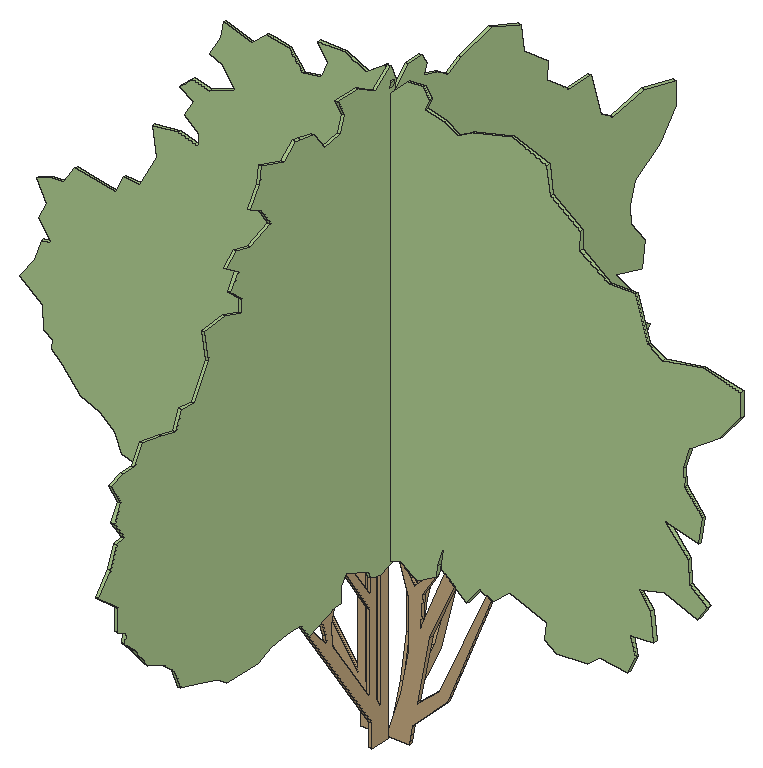
Revit family "L-PL낙엽관목_황매화", category 수목, Revit 2019
Family settings
  OmniClass 번호 = 23.40.05.00
  OmniClass 제목 = Plants and Planting Products
  작업 기준면 기반 = 아니오
  항상 수직 = 예
  로드될 때 보이드를 사용하여 절단 = 아니오
  렌더 모양 소스 = 패밀리 형상
  공유 = 아니오
Parameters
  높이 = 6000 mm
Reference planes
  plane 1 "중심(앞/뒤)": y = 0
  plane 2: z = 0
  plane 3 "중심(왼쪽/오른쪽)": x = 0
Forms (mm)
  Extrusion 1, solid, material "L-PL낙엽관목_황매화"
    sketch origin (0, 0, 0) x (1, 0, 0) y (0, 0, 1)
      loop
        line (20.605, 261.875) -> (49.579, 244.397) -> (81.202, 261.992) -> (83.241, 278.848) -> (91.268, 302.472) -> (88.953, 273.937) -> (130.955, 240.516) -> (152.038, 267.012) -> (173.042, 257.292) -> (199.703, 279.17) -> (261.519, 257.153) -> (257.966, 230.874) -> (277.151, 218.09) -> (328.309, 220.221) -> (347.493, 235.846) -> (393.677, 230.874) -> (405.756, 256.443) -> (398.651, 286.272) -> (436.309, 289.823) -> (431.335, 333.857) -> (412.862, 358.715) -> (453.362, 368.658) -> (508.072, 348.772) -> (524.415, 372.209) -> (494.572, 394.936) -> (493.151, 431.158) -> (456.204, 473.771) -> (509.493, 459.567) -> (515.888, 500.05) -> (486.046, 535.561) -> (484.625, 562.549) -> (495.283, 594.509) -> (545.02, 627.18) -> (578.225, 668.596) -> (578.225, 705.477) -> (515.784, 719.662) -> (451.215, 708.314) -> (425.672, 723.208) -> (405.804, 789.168) -> (361.812, 788.459) -> (315.691, 821.084) -> (316.401, 849.454) -> (267.442, 884.916) -> (261.056, 926.762) -> (203.582, 948.039) -> (140.432, 931.726) -> (114.889, 918.96) -> (92.893, 931.017) -> (63.091, 939.528) -> (69.477, 954.422) -> (59.544, 970.735) -> (33.29, 969.316) -> (2.78, 939.528) -> (6.328, 958.678) -> (-2.897, 981.374) -> (-34.826, 959.387) -> (-69.594, 977.118) -> (-112.877, 977.118) -> (-97.267, 951.585) -> (-106.491, 927.471) -> (-138.421, 921.797) -> (-161.126, 950.167) -> (-187.38, 955.131) -> (-197.313, 956.55) -> (-221.438, 936.691) -> (-267.559, 951.585) -> (-271.816, 926.052) -> (-289.555, 896.973) -> (-268.978, 887.753) -> (-249.091, 857.943) -> (-290.018, 843.131) -> (-318.244, 849.479) -> (-339.414, 831.845) -> (-315.422, 817.033) -> (-330.946, 793.756) -> (-307.659, 774.007) -> (-307.659, 754.257) -> (-341.531, 764.132) -> (-383.164, 759.194) -> (-376.107, 714.052) -> (-405.039, 664.678) -> (-431.148, 666.794) -> (-443.85, 639.991) -> (-471.37, 645.634) -> (-510.181, 651.982) -> (-527.822, 625.179) -> (-548.991, 623.768) -> (-572.983, 615.304) -> (-556.048, 584.268) -> (-568.749, 558.876) -> (-547.58, 529.957) -> (-564.516, 527.135) -> (-576.512, 494.689) -> (-599.798, 463.654) -> (-562.399, 433.324) -> (-560.987, 397.352) -> (-546.169, 388.182) -> (-548.286, 374.075) -> (-529.939, 357.852) -> (-500.249, 322.316) -> (-469.2, 309.62) -> (-445.208, 289.165) -> (-433.212, 260.246) -> (-397.93, 250.371) -> (-357.708, 238.38) -> (-337.95, 225.684) -> (-275.147, 225.684) -> (-249.038, 237.674) -> (-214.294, 242.639) -> (-187.479, 242.639) -> (-170.696, 218.826) -> (-117.598, 239.156) -> (-106.353, 239.156) -> (-106.353, 264.294) -> (-96.744, 279.235) -> (-47.862, 261.187) -> (-44.471, 250.171) -> (-34.299, 247.629) -> (-23.278, 245.652) -> (-9.967, 251.993) -> (20.605, 261.875)
    from 0 to 5
  Extrusion 2, solid, material "L-PL낙엽관목_황매화2"
    sketch origin (0, 0, 0) x (1, 0, 0) y (0, 0, 1)
      loop
        line (-34.299, 69.688) -> (-34.299, 247.629) -> (-44.471, 250.171) -> (-44.188, 224.469) -> (-79.227, 272.767) -> (-95.248, 278.682) -> (-47.297, 205.262) -> (-47.297, 76.466) -> (-123.59, 185.773) -> (-126.698, 217.972) -> (-119.62, 238.382) -> (-145.63, 228.423) -> (-136.871, 205.545) -> (-134.61, 191.422) -> (-162.072, 222.128) -> (-170.696, 218.826) -> (-42.821, 37.383) -> (-42.821, 0) -> (-9.967, 0) -> (-9.967, 251.993) -> (-23.278, 245.652) -> (-24.126, 51.046) -> (-34.299, 69.688)
      loop
        line (170.856, 258.303) -> (163.061, 261.911) -> (85.917, 95.208) -> (49.797, 64.452) -> (70.309, 168.753) -> (110.514, 256.78) -> (94.25, 269.722) -> (54.689, 176.908) -> (57.759, 226.285) -> (81.202, 261.992) -> (59.611, 249.979) -> (44.76, 235.73) -> (35.092, 253.136) -> (20.605, 261.875) -> (35.526, 215.71) -> (35.526, 135.455) -> (22.737, 69.404) -> (0, 0) -> (36.237, 0) -> (41.921, 28.921) -> (98.763, 83.608) -> (170.856, 258.303)
    from 0 to 5
  Extrusion 3, solid, material "L-PL낙엽관목_황매화"
    sketch origin (0, 0, 0) x (0, 1, 0) y (0, 0, 1)
      loop
        line (20.605, 261.875) -> (49.579, 244.397) -> (81.202, 261.992) -> (83.241, 278.848) -> (91.268, 302.472) -> (88.953, 273.937) -> (130.955, 240.516) -> (152.038, 267.012) -> (173.042, 257.292) -> (199.703, 279.17) -> (261.519, 257.153) -> (257.966, 230.874) -> (277.151, 218.09) -> (328.309, 220.221) -> (347.493, 235.846) -> (393.677, 230.874) -> (405.756, 256.443) -> (398.651, 286.272) -> (436.309, 289.823) -> (431.335, 333.857) -> (412.862, 358.715) -> (453.362, 368.658) -> (508.072, 348.772) -> (524.415, 372.209) -> (494.572, 394.936) -> (493.151, 431.158) -> (456.204, 473.771) -> (509.493, 459.567) -> (515.888, 500.05) -> (486.046, 535.561) -> (484.625, 562.549) -> (495.283, 594.509) -> (545.02, 627.18) -> (578.225, 668.596) -> (578.225, 705.477) -> (515.784, 719.662) -> (451.215, 708.314) -> (425.672, 723.208) -> (405.804, 789.168) -> (361.812, 788.459) -> (315.691, 821.084) -> (316.401, 849.454) -> (267.442, 884.916) -> (261.056, 926.762) -> (203.582, 948.039) -> (140.432, 931.726) -> (114.889, 918.96) -> (92.893, 931.017) -> (63.091, 939.528) -> (69.477, 954.422) -> (59.544, 970.735) -> (33.29, 969.316) -> (2.78, 939.528) -> (6.328, 958.678) -> (-2.897, 981.374) -> (-34.826, 959.387) -> (-69.594, 977.118) -> (-112.877, 977.118) -> (-97.267, 951.585) -> (-106.491, 927.471) -> (-138.421, 921.797) -> (-161.126, 950.167) -> (-187.38, 955.131) -> (-197.313, 956.55) -> (-221.438, 936.691) -> (-267.559, 951.585) -> (-271.816, 926.052) -> (-289.555, 896.973) -> (-268.978, 887.753) -> (-249.091, 857.943) -> (-290.018, 843.131) -> (-318.244, 849.479) -> (-339.414, 831.845) -> (-315.422, 817.033) -> (-330.946, 793.756) -> (-307.659, 774.007) -> (-307.659, 754.257) -> (-341.531, 764.132) -> (-383.164, 759.194) -> (-376.107, 714.052) -> (-405.039, 664.678) -> (-431.148, 666.794) -> (-443.85, 639.991) -> (-471.37, 645.634) -> (-510.181, 651.982) -> (-527.822, 625.179) -> (-548.991, 623.768) -> (-572.983, 615.304) -> (-556.048, 584.268) -> (-568.749, 558.876) -> (-547.58, 529.957) -> (-564.516, 527.135) -> (-576.512, 494.689) -> (-599.798, 463.654) -> (-562.399, 433.324) -> (-560.987, 397.352) -> (-546.169, 388.182) -> (-548.286, 374.075) -> (-529.939, 357.852) -> (-500.249, 322.316) -> (-469.2, 309.62) -> (-445.208, 289.165) -> (-433.212, 260.246) -> (-397.93, 250.371) -> (-357.708, 238.38) -> (-337.95, 225.684) -> (-275.147, 225.684) -> (-249.038, 237.674) -> (-214.294, 242.639) -> (-187.479, 242.639) -> (-170.696, 218.826) -> (-117.598, 239.156) -> (-106.353, 239.156) -> (-106.353, 264.294) -> (-96.744, 279.235) -> (-47.862, 261.187) -> (-44.471, 250.171) -> (-34.299, 247.629) -> (-23.278, 245.652) -> (-9.967, 251.993) -> (20.605, 261.875)
    from 0 to 5
  Extrusion 4, solid, material "L-PL낙엽관목_황매화2"
    sketch origin (0, 0, 0) x (0, 1, 0) y (0, 0, 1)
      loop
        line (-34.299, 69.688) -> (-34.299, 247.629) -> (-44.471, 250.171) -> (-44.188, 224.469) -> (-79.227, 272.767) -> (-95.248, 278.682) -> (-47.297, 205.262) -> (-47.297, 76.466) -> (-123.59, 185.773) -> (-126.698, 217.972) -> (-119.62, 238.382) -> (-145.63, 228.423) -> (-136.871, 205.545) -> (-134.61, 191.422) -> (-162.072, 222.128) -> (-170.696, 218.826) -> (-42.821, 37.383) -> (-42.821, 0) -> (-9.967, 0) -> (-9.967, 251.993) -> (-23.278, 245.652) -> (-24.126, 51.046) -> (-34.299, 69.688)
      loop
        line (170.856, 258.303) -> (163.061, 261.911) -> (85.917, 95.208) -> (49.797, 64.452) -> (70.309, 168.753) -> (110.514, 256.78) -> (94.25, 269.722) -> (54.689, 176.908) -> (57.759, 226.285) -> (81.202, 261.992) -> (59.611, 249.979) -> (44.76, 235.73) -> (35.092, 253.136) -> (20.605, 261.875) -> (35.526, 215.71) -> (35.526, 135.455) -> (22.737, 69.404) -> (0, 0) -> (36.237, 0) -> (41.921, 28.921) -> (98.763, 83.608) -> (170.856, 258.303)
    from 0 to 5
Dimensions and locks
  aligned and locked: level to plane 2
